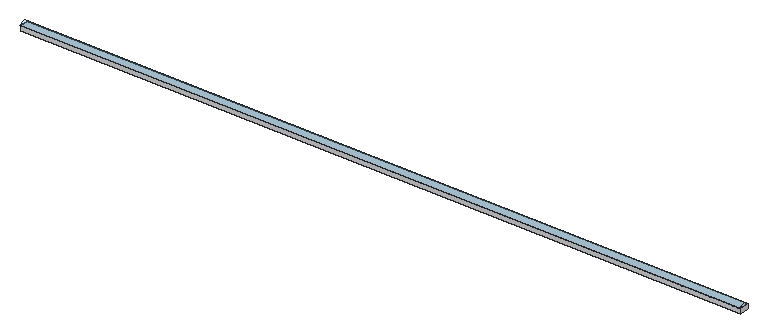
Revit family "127V SENCILLA 5630 IP65_SD560.U.1_W.1_N.1", category Luminarias, Revit 2019
Family settings
  Cota de conector redondo = Diámetro de uso
  Tipo de pieza = Normal
  Se basa en plano de trabajo = Sí
  Siempre vertical = No
  Corte con vacíos al cargar = No
  Origen de luz = Sí
  Compartido = No
  Punto de cálculo de habitación = No
Parameters (values of type "127V SENCILLA 5630 IP65_SD560.W.1")
  Tilt Angle = 60.00°
  built-in parameter 1010506 = 0.5236 (stored number, unit not read)
  built-in parameter 1010507 = 1.5708 (stored number, unit not read)
  Zone [instance] = ""
  Watt per fixture [instance] = (Longitud / 1000 mm) * (10.26)  # 10.26
  Wattage = 10.26 W
  built-in parameter 1150107 = 3000 (stored number, unit not read)
  built-in parameter 1150110 = 1 (stored number, unit not read)
  built-in parameter 1150109 = 1 (stored number, unit not read)
  built-in parameter 1150112 = 1 (stored number, unit not read)
  built-in parameter 1150113 = 1 (stored number, unit not read)
  built-in parameter 1114218 = 1 (stored number, unit not read)
  built-in parameter 1150137 = (empty or 0)
  built-in parameter 1150132 = (empty or 0)
  Modelo = "SD560.W.1"
  Lámpara = "5630 SMD"
  Longitud de símbolo de origen de luz = 1500 mm
  Longitud de línea de emisión = 600 mm
  Longitud [instance] = 1000 mm
  LCl1 Conector Intermedio [instance] = 0
  LCG2 Funda Termo contractil [instance] = (LCC6 Convertidor de Corriente) * (2)  # 2
  LCF3 Tapa Final [instance] = (LCC6 Convertidor de Corriente) * (1)  # 1
  LCC6 Convertidor de Corriente [instance] = 1
  LCC1 Convertidor de corriente [instance] = 1
  LCA1 Conector Aguja [instance] = (LCC6 Convertidor de Corriente) * (1)  # 1
  built-in parameter 1150105 = 2651.1 (stored number, unit not read)
  built-in parameter 1150102 = (empty or 0)
  built-in parameter 1150106 = 26.511 (stored number, unit not read)
  Lumens = 792.893 lm
  Color Filter = 16777215
  built-in parameter 1114217 = 1 (stored number, unit not read)
  built-in parameter 1150139 = (empty or 0)
  Fabricante = "BRILLANT"
  Default Elevation = 0 mm
  built-in parameter 1150104 = 7.1795 (stored number, unit not read)
  Descripción = "TIRA LED SENCILLA DE PCB CON RECUBRIMIENTO DE PLASTICO 14MM MONOCROMATICA , CON UNA POTENCIA DE 10.26W/M DE UN TIPO DE LED 5630 SMD, USO PARA INTERIORES COMO EXTERIORES IP65, IRC80, 60 LEDS POR METRO, PRESENTACION DE 50M, TEMPERATURA EN BLANCO CALIDO 3000K, 792.91 LUMENES POR METRO, EFICIENCIA DE 77.28 LM/W, CORTE A 1M, ALIMENTADA A 127V, REQUIERE ACCESORIOS COMO CONVERTIDOR DE CORRIENTE (1 POR SEGMENTO DE TIRA), CONECTOR INTERMEDIO (CONSIDERAR EN CORTES DE TIRA O ANGULOS CERRADOS), CONECTOR AGUJA (CONSIDERAR 1PZA PRO CADA CONVERTIDOR), FUNDA TERMOCONTRACTIL (CONSIDERAR 2PZAS POR SEGMENTO DE TIRA), TAPA FINAL (CONSIDERAR 1PZA POR SEGMENTO DE TIRA) Y CLIPS DE SUJECION (CONSIDERAR 4 PZAS POR 1M)"
  built-in parameter 1150115 = 1 (stored number, unit not read)
  built-in parameter 1150114 = 1 (stored number, unit not read)
  Costo USD_SD560 [instance] = (Longitud / 1000 mm) * (9.5 mm)  # 9.5 mm
  Cost = 1
  Comentarios de vataje = "127V"
  built-in parameter 1150138 = (empty or 0)
  built-in parameter 1150134 = (empty or 0)
  Circuit [instance] = ""
  Dimming Lamp Color Temperature Shift = (empty or 0)
  CL1 Clips de sujecion [instance] = (Longitud / 1000 mm) * (4)  # 4
  built-in parameter 1150133 = 10 (stored number, unit not read)
Types (3, lengths in mm): name | built-in parameter 1150107 | Modelo | Descripción
  127V SENCILLA 5630 IP65_SD560.W.1 | 3000 (stored number, unit not read) | "SD560.W.1" | "TIRA LED SENCILLA DE PCB CON RECUBRIMIENTO DE PLASTICO 14MM MONOCROMATICA , CON UNA POTENCIA DE 10.26W/M DE UN TIPO DE LED 5630 SMD, USO PARA INTERIORES COMO EXTERIORES IP65, IRC80, 60 LEDS POR METRO, PRESENTACION DE 50M, TEMPERATURA EN BLANCO CALIDO 3000K, 792.91 LUMENES POR METRO, EFICIENCIA DE 77.28 LM/W, CORTE A 1M, ALIMENTADA A 127V, REQUIERE ACCESORIOS COMO CONVERTIDOR DE CORRIENTE (1 POR SEGMENTO DE TIRA), CONECTOR INTERMEDIO (CONSIDERAR EN CORTES DE TIRA O ANGULOS CERRADOS), CONECTOR AGUJA (CONSIDERAR 1PZA PRO CADA CONVERTIDOR), FUNDA TERMOCONTRACTIL (CONSIDERAR 2PZAS POR SEGMENTO DE TIRA), TAPA FINAL (CONSIDERAR 1PZA POR SEGMENTO DE TIRA) Y CLIPS DE SUJECION (CONSIDERAR 4 PZAS POR 1M)"
  127V SENCILLA 5630 IP65_SD560.U.1 | 2400 (stored number, unit not read) | "SD560.U.1" | "TIRA LED SENCILLA DE PCB CON RECUBRIMIENTO DE PLASTICO 14MM MONOCROMATICA , CON UNA POTENCIA DE 10.26W/M DE UN TIPO DE LED 5630 SMD, USO PARA INTERIORES COMO EXTERIORES IP65, IRC80, 60 LEDS POR METRO, PRESENTACION DE 50M, TEMPERATURA EN BLANCO ULTRA CALIDO 2400K, 792.91 LUMENES POR METRO, EFICIENCIA DE 77.28 LM/W, CORTE A 1M, ALIMENTADA A 127V, REQUIERE ACCESORIOS COMO CONVERTIDOR DE CORRIENTE (1 POR SEGMENTO DE TIRA), CONECTOR INTERMEDIO (CONSIDERAR EN CORTES DE TIRA O ANGULOS CERRADOS), CONECTOR AGUJA (CONSIDERAR 1PZA PRO CADA CONVERTIDOR), FUNDA TERMOCONTRACTIL (CONSIDERAR 2PZAS POR SEGMENTO DE TIRA), TAPA FINAL (CONSIDERAR 1PZA POR SEGMENTO DE TIRA) Y CLIPS DE SUJECION (CONSIDERAR 4 PZAS POR 1M)"
  127V SENCILLA 5630 IP65_SD560.N.1 | 4500 (stored number, unit not read) | "SD560.N.1" | "TIRA LED SENCILLA DE PCB CON RECUBRIMIENTO DE PLASTICO 14MM MONOCROMATICA , CON UNA POTENCIA DE 10.26W/M DE UN TIPO DE LED 5630 SMD, USO PARA INTERIORES COMO EXTERIORES IP65, IRC80, 60 LEDS POR METRO, PRESENTACION DE 50M, TEMPERATURA EN BLANCO FRIO 4500K, 792.91 LUMENES POR METRO, EFICIENCIA DE 77.28 LM/W, CORTE A 1M, ALIMENTADA A 127V, REQUIERE ACCESORIOS COMO CONVERTIDOR DE CORRIENTE (1 POR SEGMENTO DE TIRA), CONECTOR INTERMEDIO (CONSIDERAR EN CORTES DE TIRA O ANGULOS CERRADOS), CONECTOR AGUJA (CONSIDERAR 1PZA PRO CADA CONVERTIDOR), FUNDA TERMOCONTRACTIL (CONSIDERAR 2PZAS POR SEGMENTO DE TIRA), TAPA FINAL (CONSIDERAR 1PZA POR SEGMENTO DE TIRA) Y CLIPS DE SUJECION (CONSIDERAR 4 PZAS POR 1M)"
Reference planes
  plane 1 "Centro (Frontal/Posterior)": y = 0
  plane 2: z = 0
  plane 3 "Centro (Izquierda/Derecha)": x = 0
  plane 4: x = 0
  plane 5: z = 12
  plane 6: x = -1000
Forms (mm)
  Extrusion 1, solid
    sketch origin (0, 0, 0) x (1, 0, 0) y (0, 1, 0)
      loop
        line (-1000, 6.476) -> (-1000, -6.493) -> (0, -6.493) -> (0, 6.476) -> (-1000, 6.476)
    from 0 to 6.038
  Extrusion 2, solid, material "Cristal"
    sketch origin (0, 0, 0) x (0, 1, 0) y (0, 0, 1)
      loop
        arc (6.5, 6.038) -> (0, 10.038) -> (-6.5, 6.038) r 7.281
        line (-6.5, 6.038) -> (6.5, 6.038)
    from -1000 to 0
Dimensions and locks
  "Longitud": plane 6 to plane 4
  aligned and locked: level to plane 2
  aligned and locked: Extrusion 1 to plane 4
  aligned and locked: plane 6 to Extrusion 1
  aligned and locked: Extrusion 2 to Extrusion 1
  aligned and locked: plane 3 "Centro (Izquierda/Derecha)" to Extrusion 2
  aligned and locked: plane 3 "Centro (Izquierda/Derecha)" to Extrusion 1
Automatic sketch dimensions
  Extrusion 1 sketch curve to plane 6 = 0 mm
  Extrusion 1 sketch curve to plane 3 "Centro (Izquierda/Derecha)" = 0 mm
  plane 1 "Centro (Frontal/Posterior)" to Extrusion 1 sketch curve = 6.493 mm
  Extrusion 1 sketch curve to plane 1 "Centro (Frontal/Posterior)" = 6.476 mm
  level to Extrusion 2 sketch curve = 2.757 mm
  Extrusion 2 sketch curve to plane 1 "Centro (Frontal/Posterior)" = 0 mm
  plane 1 "Centro (Frontal/Posterior)" to Extrusion 2 sketch curve = 6.5 mm
  Extrusion 2 sketch curve to plane 5 = 5.962 mm
Connectors
  electrical at (0, -0.009, 3.019)
    settings: on Extrusion 1, index 1, voltage 127 V, apparent load 0 VA, apparent load phase1 0 VA, apparent load phase2 0 VA, apparent load phase3 0 VA, power factor 1, load classification "Otro", number of poles 1, system type 31, power factor state 1, is connector primary yes, connector utility no, sub classification motor no, connector description ""
